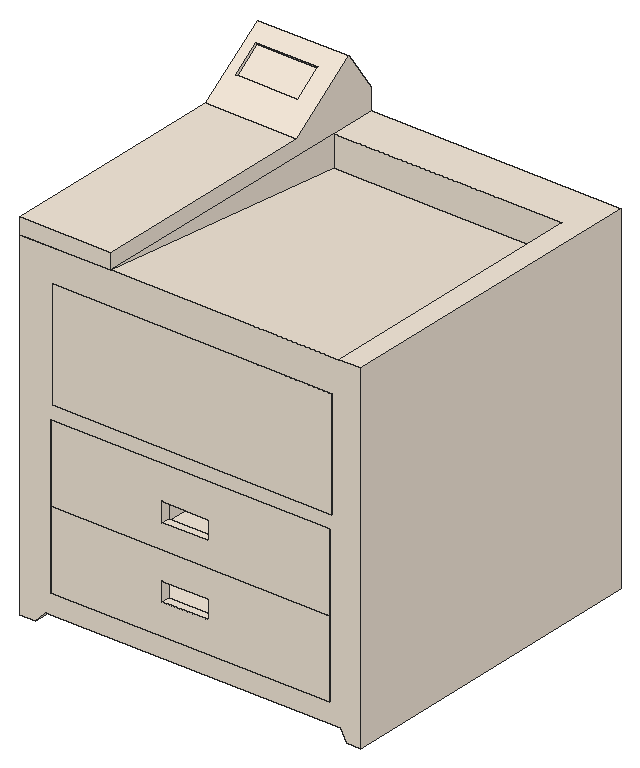
Revit family "Laser_Printer_1117", category Специальное оборудование, Revit 2016
Family settings
  Тип детали = Нормальный
  Размер круглого соединителя = Использовать диаметр
  На основе рабочей плоскости = Нет
  Всегда вертикально = Да
  При загрузке вырезать с полостями = Нет
  Общий = Нет
  Точка расчета площади = Нет
Parameters
  Код по классификатору = "E1010800"
Reference planes (in)
  plane 1 "Center F/B": y = 0.88899
  plane 2: z = 0
  plane 3 "Center L/R": x = 4.55428
  plane 4: x = -6.44572
  plane 5: x = 15.55428
  plane 6: y = -9.61101
  plane 7: y = 11.38899
Forms (in)
  Extrusion 1, solid, material "Plastic - White"
    sketch origin (0, 0, 0) x (1, 0, 0) y (0, 1, 0)
      loop
        line (-6.44572, 11.38899) -> (-6.44572, -9.61101) -> (15.55428, -9.61101) -> (15.55428, 11.38899) -> (-6.44572, 11.38899)
    from 0 to 22
  Extrusion 2, void
    sketch origin (4.55428, 0, 0) x (0, 1, 0) y (0, 0, 1)
      loop
        line (8.38899, 22) -> (-9.61101, 22) -> (8.38899, 20) -> (8.38899, 22)
    from -5.12855 to 9.58891
  Extrusion 3, void
    sketch origin (-6.44572, -9.61101, 22) x (0, 0, -1) y (1, 0, 0)
      loop
        line (22, 1) -> (22, 1.70711) -> (22, 21.11536) -> (21.29289, 20.70711) -> (21.29289, 1.70711) -> (22, 1)
    from -21 to 0
  Extrusion 4, void
    sketch origin (-6.44572, -9.61101, 22) x (0, 0, -1) y (1, 0, 0)
      loop
        line (10.02599, 1.99755) -> (20.02599, 1.99755) -> (20.02599, 19.99755) -> (10.02599, 19.99755) -> (10.02599, 1.99755)
    from 0 to -12
  Extrusion 5, solid, material "Plastic - White"
    sketch origin (-6.44572, -9.61101, 22) x (0, 0, -1) y (1, 0, 0)
      loop
        line (20.02599, 1.99755) -> (20.02599, 19.99755) -> (15.02599, 19.99755) -> (15.02599, 1.99755) -> (20.02599, 1.99755)
    from 0 to -0.5
  Extrusion 6, solid, material "Plastic - White"
    sketch origin (-6.44572, -9.61101, 22) x (0, 0, -1) y (1, 0, 0)
      loop
        line (15.02599, 1.99755) -> (15.02599, 19.99755) -> (10.02599, 19.99755) -> (10.02599, 1.99755) -> (15.02599, 1.99755)
    from 0 to -0.5
  Extrusion 7, void
    sketch origin (-6.44572, -9.61101, 22) x (0, 0, -1) y (1, 0, 0)
      loop
        line (16.82164, 9.18692) -> (18, 9.18692) -> (18, 12.18692) -> (16.82164, 12.18692) -> (16.82164, 9.18692)
      loop
        line (12.20779, 9.18692) -> (13.459, 9.18692) -> (13.459, 12.18692) -> (12.20779, 12.18692) -> (12.20779, 9.18692)
    from 0 to -0.5
  Extrusion 8, solid, material "Plastic - White"
    sketch origin (4.55428, 0, 0) x (0, 1, 0) y (0, 0, 1)
      loop
        line (11.38899, 23.38737) -> (9.59705, 25.94652) -> (5.38899, 23) -> (-9.61101, 23) -> (-9.61101, 22) -> (11.38899, 22) -> (11.38899, 23.38737)
    from -5.12855 to -11
  Extrusion 9, void
    sketch origin (-0.57427, 9.59705, 25.94652) x (-1, 0, 0) y (0, -0.819152, -0.573576)
      loop
        line (5.21868, 1.15768) -> (5.21868, 3.15768) -> (1.21868, 3.15768) -> (1.21868, 1.15768) -> (5.21868, 1.15768)
    from 0 to -0.125
  Extrusion 10, solid, material "Plastic - White"
    sketch origin (-6.44572, -9.61101, 22) x (0, 0, -1) y (1, 0, 0)
      loop
        line (9.13194, 2.15272) -> (9.13194, 20.15272) -> (2.13194, 20.15272) -> (2.13194, 2.15272) -> (9.13194, 2.15272)
    from 0 to -0.125
Cuts and joins
  Extrusion 2, Extrusion 3, Extrusion 4, Extrusion 7, Extrusion 9 cuts Extrusion 1
  Extrusion 7, Extrusion 9 cuts Extrusion 5
  Extrusion 7, Extrusion 9 cuts Extrusion 6
  Extrusion 9 cuts Extrusion 8
Dimensions and locks (in)
  equal spacing: plane 4, plane 3 "Center L/R", plane 5
  equal spacing: plane 6, plane 1 "Center F/B", plane 7
